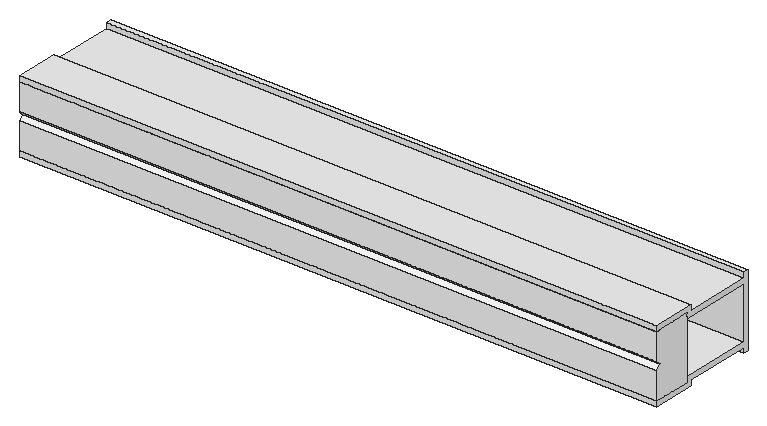
Revit family "4070744+4070746 Feilo Sylvania Lighting Fixture CURSUS 306MM 207LM OVAL LED3K with CONTINUOUS WALL HOUSING", category Lighting Fixtures, host Face, Revit 2017
Family settings
  Host = Face
  Round Connector Dimension = Use Diameter
  Part Type = Normal
  OmniClass Number = 23.80.70.14
  OmniClass Title = Luminaries for External Lighting
  Cut with Voids When Loaded = Yes
  Light Source = Yes
  Shared = Yes
  Room Calculation Point = No
Parameters (values of type "4070744 CURSUS 306MM 207LM OVAL LED3K")
  Width_FEILO = 35 mm
  Weight = "0.6 kg"
  Wattage Comments = "n/a"
  Wattage = 4.5 W
  WarrantyStartDate [instance] = "n/a"
  WarrantyGuarantorParts = "n/a"
  WarrantyDurationUnit = "n/a"
  WarrantyDurationParts = "n/a"
  WarrantyDescription = "n/a"
  WallThickness_FEILO = 2.5 mm
  built-in parameter 1150110 = 1 (stored number, unit not read)
  Voltage = 24 V
  URL = "http://www.sylvania-lighting.com"
  TypeName = "CURSUS 306MM 207LM OVAL LED3K"
  Type Image = <None>
  Type Comments = "n/a"
  built-in parameter 1114217 = 1 (stored number, unit not read)
  Tilt Angle = -90.00°
  built-in parameter 1150109 = 1 (stored number, unit not read)
  built-in parameter 1150134 = (empty or 0)
  built-in parameter 1150113 = 1 (stored number, unit not read)
  SerialNumber [instance] = "n/a"
  ReflectorMaterial = none
  PowerFactor = 0
  PowerConsumption = "4.5 W"
  Photometric Web File = "4070744.ies"
  NominalLength = 306 mm
  NominalHeight = 50 mm
  NominalDepth = 30 mm
  Name = "CURSUS 306MM 207LM OVAL LED3K"
  ModelReference = Name  # "CURSUS 306MM 207LM OVAL LED3K"
  ModelNumber = "4070744"
  Model = Name  # "CURSUS 306MM 207LM OVAL LED3K"
  Material = "natural anodised extruded aluminium structure housing, optical system with pmma lenses diffuser"
  ManufacturerName = "Feilo Sylvania"
  Manufacturer = "Feilo Sylvania"
  LuminousEfficacy = "46 lm/W"
  built-in parameter 1150105 = 291.98 (stored number, unit not read)
  Lumens = 207 lm
  LuminaireType = ""
  built-in parameter 1150115 = 1 (stored number, unit not read)
  LightOutputRatio = "100"
  built-in parameter 1150137 = (empty or 0)
  built-in parameter 1150139 = (empty or 0)
  Length_FEILO = 312 mm
  LampsType = Lamp  # "LED"
  LampNominalLuminous = "207 lm"
  LampMacAdamStep = "n/a"
  LampColourTemperature = "3000 K"
  LampColourRenderingIndex = "80"
  built-in parameter 1150112 = 1 (stored number, unit not read)
  built-in parameter 1150114 = 1 (stored number, unit not read)
  Lamp = "LED"
  Keynote = "16500"
  InstallationDate [instance] = "n/a"
  InputVoltage = "24V DC"
  InputNominalFrequency = "n/a"
  built-in parameter 1150132 = (empty or 0)
  built-in parameter 1150102 = (empty or 0)
  built-in parameter 1150107 = 3000 (stored number, unit not read)
  built-in parameter 1150138 = (empty or 0)
  IngressProtection = "IP67"
  ImpactProtectionIndex = "IK07"
  built-in parameter 1150106 = 2.9198 (stored number, unit not read)
  IfcExportType = "IfcLightFixtureType"
  IfcExportAs = "IfcLightFixtureType"
  ExpectedLife = 50000
  EndCapRight [instance] = no
  EndCapLeft [instance] = no
  Emit from Rectangle Width = Width_FEILO - WallThickness_FEILO * 2  # 30 mm
  Emit from Rectangle Length = Length_FEILO - WallThickness_FEILO * 2  # 307 mm
  Emit Shape Visible in Rendering = no
  ElectricShockClassification = "Class III"
  built-in parameter 1150104 = 4.2735 (stored number, unit not read)
  DurationUnit = "hours"
  DocumentationLiterature = "http://www.sylvania-lighting.com/product/en-int/products/4070744"
  DimmingControlOptions = "n/a"
  Dimming Lamp Color Temperature Shift = <None>
  DiffuserMaterial = Diffuser-Sylvania-Glow
  Description = "LED Exterior Lighting Recessed Surface Mounted Linear Fixture, Natural anodised extruded aluminium structure. Die-cast aluminium end caps. Installation kit with harmonic steel springs., 207 lm, 4,5W, 46lm/W, 3000K, CRI80+,non dimmable,IP67, IK07, (HxWxD) 306x50x30mm, 3 step Mac Adam Ellipse, 0.6kg,, Classe III, 21-25V-DC, energy class : A++, A+, A"
  Default Elevation = 1219.2 mm
  CreatedOn = "1/8/2018"
  CreatedBy = ""
  Cost = 0
  Color Filter = 16777215
  built-in parameter 1114216 [instance] = (empty or 0)
  ClassificationValue = "EF_70_80"
  ClassificationName = "Uniclass2015"
  BodyMaterial = Body-Sylvania-Gray
  BarCode [instance] = "n/a"
  built-in parameter 1114218 = 1 (stored number, unit not read)
  built-in parameter 1150133 = 10 (stored number, unit not read)
  AssetType = "Fixed"
  AssetIdentifier [instance] = "n/a"
  Assembly Code = "D5020200"
  Apparent Load = 4.5 VA
  AccessoryMaterial = Diffuser-Sylvania-Glow
Reference planes
  plane 1 "Center (Front/Back)": y = 0
  plane 2: z = 0
  plane 3 "Center (Left/Right)": x = 0
  plane 4: x = 156
  plane 5: x = -156
  plane 6: x = -153.5
  plane 7: x = 153.5
  plane 8: z = 35
  plane 9: z = 17.5
  plane 10: z = 32.5
  plane 11: z = 2.5
  plane 12: z = 30
  plane 13: z = 5
  plane 14: y = -55
  plane 15: y = -53
  plane 16: y = -2.5
  plane 17: y = -37
  plane 18: y = -34.5
Forms (mm)
  Extrusion 1, solid, material "Body-Sylvania-Gray" <- "BodyMaterial"
    sketch origin (0, 0, 0) x (0, 1, 0) y (0, 0, 1)
      loop
        line (0, 35) -> (-2.5, 35) -> (-2.5, 32.5) -> (-34.5, 32.5) -> (-34.5, 35) -> (-55, 35) -> (-55, 32.5) -> (-37, 32.5) -> (-37, 30) -> (-2.5, 30) -> (-2.5, 5) -> (-37, 5) -> (-37, 2.5) -> (-55, 2.5) -> (-55, 0) -> (-34.5, 0) -> (-34.5, 2.5) -> (-2.5, 2.5) -> (-2.5, 0) -> (0, 0) -> (0, 35)
    from -153.5 to 153.5
  Extrusion 2, solid, material "Diffuser-Sylvania-Glow" <- "DiffuserMaterial"
    sketch origin (0, 0, 0) x (0, 1, 0) y (0, 0, 1)
      loop
        line (-37, 32.5) -> (-55, 32.5) -> (-55, 19.5) -> (-53, 17.5) -> (-55, 15.5) -> (-55, 2.5) -> (-37, 2.5) -> (-37, 32.5)
    from -153.5 to 153.5
  Extrusion 3, solid, material "Body-Sylvania-Gray" <- "BodyMaterial", visible <- "EndCapRight"
    sketch origin (153.5, 1524, 1219.2) x (0, 1, 0) y (0, 0, 1)
      loop
        line (-1579, -1184.2) -> (-1579, -1219.2) -> (-1524, -1219.2) -> (-1524, -1184.2) -> (-1579, -1184.2)
    from 0 to 2.5
  Extrusion 4, solid, material "Body-Sylvania-Gray" <- "BodyMaterial", visible <- "EndCapLeft"
    sketch origin (-153.5, 1524, 1219.2) x (0, 1, 0) y (0, 0, 1)
      loop
        line (-1579, -1184.2) -> (-1579, -1219.2) -> (-1524, -1219.2) -> (-1524, -1184.2) -> (-1579, -1184.2)
    from -2.5 to 0
Dimensions and locks
  equal spacing: plane 5, plane 3 "Center (Left/Right)", plane 4
  "Length_FEILO": plane 5 to plane 4
  equal spacing: plane 6, plane 3 "Center (Left/Right)", plane 7
  "WallThickness_FEILO": plane 5 to plane 6
  locked: plane 9 to plane 2 at 17.5
  locked: plane 8 to plane 2 at 35
  equal spacing: plane 11, plane 9, plane 10
  equal spacing: plane 13, plane 9, plane 12
  "WallThickness_FEILO": plane 12 to plane 10
  locked: plane 14 to plane 15 at 2
  locked: plane 14 to plane 17 at 18
  "WallThickness_FEILO": plane 17 to plane 18
  "WallThickness_FEILO": plane 16 to plane 1 "Center (Front/Back)"
  locked: plane 15 to Extrusion 2 sketch curve (angle 45.00°)
  locked: Extrusion 2 sketch curve to plane 15 (angle 45.00°)
  aligned and locked: plane 2 to host face
  aligned and locked: level to host face
  aligned and locked: plane 1 "Center (Front/Back)" to Extrusion 1 sketch curve
  aligned and locked: Extrusion 1 sketch curve to plane 8  (x2)
  aligned and locked: plane 16 to Extrusion 1 sketch curve
  aligned and locked: host face to Extrusion 1 sketch curve
  aligned and locked: Extrusion 1 sketch curve to plane 16  (x2)
  aligned and locked: Extrusion 1 sketch curve to plane 11
  aligned and locked: plane 18 to Extrusion 1 sketch curve
  aligned and locked: level to Extrusion 1 sketch curve
  aligned and locked: plane 11 to Extrusion 1 sketch curve
  aligned and locked: Extrusion 1 sketch curve to plane 17
  aligned and locked: plane 13 to Extrusion 1 sketch curve
  aligned and locked: Extrusion 1 sketch curve to plane 12
  aligned and locked: plane 10 to Extrusion 1 sketch curve  (x2)
  aligned and locked: plane 17 to Extrusion 1 sketch curve  (x2)
  aligned and locked: plane 12 to Extrusion 1 sketch curve
  aligned and locked: Extrusion 1 sketch curve to plane 10
  aligned and locked: Extrusion 1 sketch curve to plane 18
  aligned and locked: plane 7 to Extrusion 1
  aligned and locked: Extrusion 1 to plane 6
  aligned and locked: Extrusion 2 sketch curve to Extrusion 1  (x4)
  aligned and locked: Extrusion 1 to Extrusion 2 sketch curve
  aligned and locked: plane 9 to Extrusion 2 sketch curve
  aligned and locked: plane 7 to Extrusion 2
  aligned and locked: Extrusion 2 to plane 6
  aligned and locked: Extrusion 3 sketch curve to Extrusion 1  (x4)
  aligned and locked: plane 4 to Extrusion 3
  aligned and locked: Extrusion 3 to plane 7
  aligned and locked: Extrusion 4 sketch curve to Extrusion 3  (x3)
  aligned and locked: Extrusion 4 sketch curve to Extrusion 1
  aligned and locked: Extrusion 4 to plane 5
  aligned and locked: plane 6 to Extrusion 4
  aligned and locked: plane 14 to imposter light
  aligned and locked: imposter light to plane 9
  aligned and locked: plane 3 "Center (Left/Right)" to imposter light
Automatic sketch dimensions
  host sketch curve to host sketch curve = 2438.4 mm  (x2)
  Extrusion 1 sketch curve to plane 14 = 0 mm  (x2)
  Extrusion 2 sketch curve to plane 15 = 0 mm
Connectors
  electrical at (0, 0, 0), driven by "Apparent Load", driven by "PowerFactor", driven by "Voltage"
    settings: index 1, voltage 24 V, apparent load 4.5 VA, apparent load phase1 0 VA, apparent load phase2 0 VA, apparent load phase3 0 VA, power factor 0, load classification "Lighting", number of poles 1, system type 30, power factor state 1, is connector primary yes, connector utility no, sub classification motor no, connector description ""
